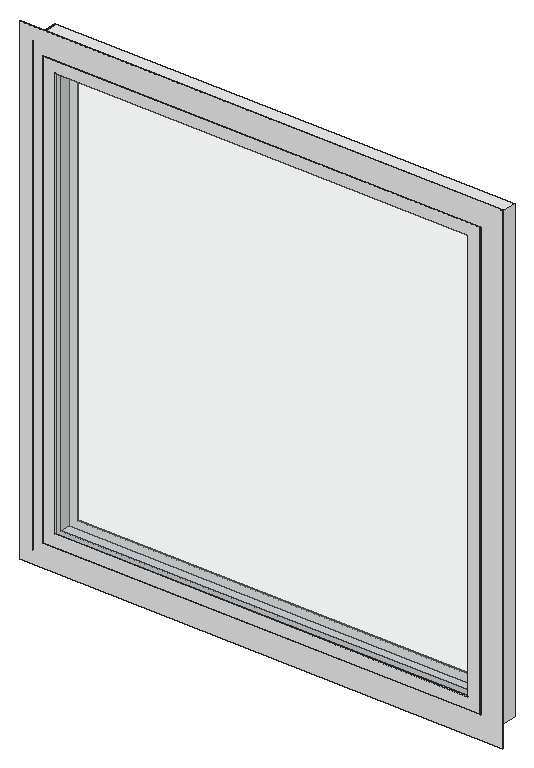
Revit family "Casement_34_A_Top_Hung_Standard", category Windows, host Wall, Revit 2014
Parameters (values of type "Casement_Sash_DG")
  Width Sash [instance] = 30 mm
  Width Sash Inner = 15 mm
  Width Bead = 15 mm
  Top Hung [instance] = yes
  Side Hung Right [instance] = yes
  Side Hung Left [instance] = yes
  Sash Opening Width [instance] = 600 mm
  Sash Opening Height [instance] = 600.312 mm
  Sash Lip = 15 mm
  Glazing Material [instance] = Glass
  DG Start Piece 2 [instance] = DG End Piece 1 + DG Gasket Thickness  # 25 mm
  DG Start Peice 1 [instance] = (Depth Sash - (2 * DG Glazing Thickness) - DG Gasket Thickness) / 2  # 6.6 mm
  Glazing Offset = 5 mm
  DG Glazing Thickness [instance] = 6.4 mm
  DG Gasket Thickness = 12 mm  # constant formula
  DG Gasket Material [instance] = none
  DG End Piece 2 [instance] = DG Start Piece 2 + DG Glazing Thickness  # 31.4 mm
  DG End Piece 1 [instance] = DG Start Peice 1 + DG Glazing Thickness  # 13 mm
  Depth Sash [instance] = 38 mm
  Center Vertical Sash [instance] = Sash Opening Height / 2  # 300.156 mm
  Center Horizontal Sash [instance] = Sash Opening Width / 2  # 300 mm
  Bottom Hung [instance] = yes
  Bead Offset = 15 mm
  Aluminium Thickness = 1 mm
  Aluminium Material [instance] = White Powder Coated Aluminium
Reference planes
  plane 1 "Center (Front/Back)": y = 0
  plane 2: z = 0
  plane 3 "Center (Left/Right)": x = 0
Forms (mm)
  Sweep 1, solid, material "White Powder Coated Aluminium" <- "Aluminium Material"
    path origin (16.177, 0, 121.331) x (1, 0, 0) y (0, 0, 1)
      loop
        line (0, 0) -> (600, 0) -> (600, 600.312) -> (0, 600.312) -> (0, 0)
    profile origin (316.177, 0, 121.331) x (0, 0, 1) y (0, -1, 0)
      loop
        line (0, 0) -> (30, 0) -> (30, 1) -> (15, 1) -> (15, 38) -> (-15, 38) -> (-15, 37) -> (0, 37) -> (0, 0)
      loop
        line (14, 1) -> (14, 37) -> (1, 37) -> (1, 1) -> (14, 1)
  Sweep 2, solid, material "White Powder Coated Aluminium" <- "Aluminium Material"
    path origin (0, 0, 0) x (1, 0, 0) y (0, 0, 1)
      loop
        line (31.177, 706.643) -> (31.177, 136.331) -> (601.177, 136.331) -> (601.177, 706.643) -> (31.177, 706.643)
    profile origin (316.177, 0, 706.643) x (0, 0, 1) y (0, -1, 0)
      loop
        line (0, 37) -> (0, 38) -> (-15, 38) -> (-15, 37) -> (0, 37)
  Extrusion 3, solid, material "Glass" <- "Glazing Material"
    sketch origin (0, 0, 0) x (1, 0, 0) y (0, 0, 1)
      loop
        line (36.177, 701.643) -> (36.177, 141.331) -> (596.177, 141.331) -> (596.177, 701.643) -> (36.177, 701.643)
    from 6.6 <- "DG Start Peice 1" to 13 <- "DG End Piece 1"
  Extrusion 4, solid, material "Glass" <- "Glazing Material"
    sketch origin (0, 0, 0) x (1, 0, 0) y (0, 0, 1)
      loop
        line (36.177, 701.643) -> (36.177, 141.331) -> (596.177, 141.331) -> (596.177, 701.643) -> (36.177, 701.643)
    from 31.4 <- "DG End Piece 2" to 25 <- "DG Start Piece 2"
  Sweep 5, solid, material <- "DG Gasket Material"
    path origin (0, -13, 0) x (1, 0, 0) y (0, 0, 1)
      loop
        line (36.177, 701.643) -> (36.177, 141.331) -> (596.177, 141.331) -> (596.177, 701.643) -> (36.177, 701.643)
    profile origin (316.177, -13, 701.643) x (0, 0, 1) y (0, -1, 0)
      loop
        line (0, 0) -> (0, 12) -> (-7.96, 12) -> (-7.96, 0) -> (0, 0)
Lines and regions (mm)
  model lines
    curve 1: line (1.177, -38, 736.643) -> (31.177, -38, 706.643)
    curve 2: line (601.177, -38, 706.643) -> (631.177, -38, 736.643)
    curve 3: line (601.177, -38, 136.331) -> (631.177, -38, 106.331)
    curve 4: line (1.177, -38, 106.331) -> (31.177, -38, 136.331)
    curve 5: line (631.177, -37, 736.643) -> (616.177, -37, 721.643)
    curve 6: line (1.177, -37, 736.643) -> (16.177, -37, 721.643)
    curve 7: line (1.177, -37, 106.331) -> (16.177, -37, 121.331)
    curve 8: line (631.177, -37, 106.331) -> (616.177, -37, 121.331)
    curve 9: line (616.177, 0, 121.331) -> (586.177, 0, 151.331)
    curve 10: line (46.177, 0, 151.331) -> (16.177, 0, 121.331)
    curve 11: line (616.177, 0, 721.643) -> (586.177, 0, 691.643)
    curve 12: line (46.177, 0, 691.643) -> (16.177, 0, 721.643)
    curve 13: line (31.177, -38, 691.643) -> (46.177, -38, 691.643)
    curve 14: line (586.177, -38, 691.643) -> (601.177, -38, 691.643)
    curve 15: line (586.177, -38, 151.331) -> (601.177, -38, 151.331)
    curve 16: line (31.177, -38, 151.331) -> (46.177, -38, 151.331)
  model lines, style "GenericModelHiddenLines", visible <- "Top Hung"
    curve 17: line (46.386, -31.4, 690.914) -> (316.177, -31.4, 151.331)
    curve 18: line (316.177, -31.4, 151.331) -> (586.177, -31.4, 691.331)
  model lines, style "GenericModelHiddenLines", visible <- "Bottom Hung"
    curve 19: line (46.177, -31.4, 151.331) -> (316.177, -31.4, 691.331)
    curve 20: line (316.177, -31.4, 691.331) -> (586.177, -31.4, 151.331)
  model lines, style "GenericModelHiddenLines", visible <- "Side Hung Left"
    curve 21: line (46.386, -31.4, 690.914) -> (585.24, -31.4, 421.487)
    curve 22: line (585.24, -31.4, 421.487) -> (46.177, -31.4, 151.331)
  model lines, style "GenericModelHiddenLines", visible <- "Side Hung Right"
    curve 23: line (586.177, -31.4, 691.331) -> (46.177, -31.4, 421.487)
    curve 24: line (46.177, -31.4, 421.487) -> (586.177, -31.4, 151.331)
Dimensions and locks
  "Aluminium Thickness": Sweep 1 sketch curve to Sweep 1 sketch curve  (x4)
  "Depth Sash": Sweep 1 sketch curve to Sweep 1 sketch curve
  "Sash Opening Width": Sweep 1 to Sweep 1
  "Sash Opening Height": Sweep 1 to Sweep 1
  "Width Sash": Sweep 1 sketch curve to Sweep 1 sketch curve  (x2)
  "Width Sash Inner": Sweep 1 sketch curve to Sweep 1 sketch curve
  "Sash Lip": Sweep 1 sketch curve to Sweep 1 sketch curve
  "Aluminium Thickness": Sweep 1 to Sweep 2 sketch curve
  "Glazing Offset": Sweep 2 to Extrusion 3 sketch curve  (x3)
  "Glazing Offset": Extrusion 3 sketch curve to Sweep 2
  Sweep 1 to Sweep 1 = 1 mm
  "Aluminium Thickness": Sweep 2 sketch curve to Sweep 2 sketch curve
  "Width Bead": Sweep 2 sketch curve to Sweep 2 sketch curve
  locked: Sweep 5 sketch curve to Sweep 5 sketch curve at 7.96
  "Center Horizontal Sash": Sweep 1 to curve 18
  "Center Horizontal Sash": Sweep 1 to curve 20
  "Center Vertical Sash": Sweep 1 to curve 22
  "Center Vertical Sash": Sweep 1 to curve 24
  aligned and locked: level to plane 2
  aligned and locked: Sweep 1 sketch curve to Sweep 1 sketch curve  (x2)
  aligned and locked: Sweep 2 sketch curve to Sweep 1  (x5)
  aligned and locked: Extrusion 4 sketch curve to Extrusion 3  (x4)
  aligned and locked: Sweep 5 sketch curve to Extrusion 3  (x5)
  aligned and locked: Extrusion 3 to Sweep 5 sketch curve
Automatic sketch dimensions
  plane 3 "Center (Left/Right)" to Sweep 1 sketch curve = 16.177 mm
  level to Sweep 1 sketch curve = 121.331 mm
  plane 3 "Center (Left/Right)" to Sweep 1 sketch curve = 616.177 mm
  level to Sweep 1 sketch curve = 721.643 mm
  profile plane to Sweep 5 sketch curve = 12 mm
  curve 7 to Sweep 1 = 0 mm  (x4)
  curve 6 to Sweep 1 = 0 mm  (x3)
  Sweep 1 to curve 6 = 0 mm
  curve 5 to Sweep 1 = 0 mm  (x3)
  curve 8 to Sweep 1 = 0 mm  (x4)
  Sweep 1 to curve 5 = 0 mm
  curve 16 to Sweep 2 = 0 mm  (x3)
  curve 13 to Sweep 2 = 0 mm  (x3)
  curve 15 to Sweep 2 = 0 mm
  Sweep 2 to curve 15 = 0 mm  (x2)
  curve 14 to Sweep 2 = 0 mm  (x2)
  Sweep 2 to curve 14 = 0 mm
  curve 1 to Sweep 1 = 0 mm  (x4)
  curve 4 to Sweep 1 = 0 mm  (x3)
  Sweep 1 to curve 4 = 0 mm
  curve 3 to Sweep 1 = 0 mm  (x3)
  curve 2 to Sweep 1 = 0 mm  (x4)
  Sweep 1 to curve 3 = 0 mm
  curve 10 to Sweep 1 = 0 mm  (x4)
  curve 12 to Sweep 1 = 0 mm  (x3)
  Sweep 1 to curve 12 = 0 mm
  curve 9 to Sweep 1 = 0 mm  (x4)
  curve 11 to Sweep 1 = 0 mm  (x3)
  Sweep 1 to curve 11 = 0 mm
  Sweep 1 sketch curve to plane 1 "Center (Front/Back)" = 0 mm
  profile plane to Sweep 1 sketch curve = 0 mm
  curve 21 to Extrusion 4 = 10.208 mm
  curve 19 to Extrusion 4 = 10 mm
  curve 23 to Extrusion 4 = 10 mm  (x2)
  curve 22 to Extrusion 4 = 10.937 mm
  curve 20 to Extrusion 4 = 10 mm
  curve 24 to Extrusion 4 = 10 mm
  curve 22 to Extrusion 4 = 10 mm
  curve 18 to Extrusion 4 = 10 mm
  curve 21 to Extrusion 4 = 10.729 mm
  curve 19 to Extrusion 4 = 10.312 mm
  curve 18 to Extrusion 4 = 10.312 mm
Types in the file's own list only (6): name | Windload Design | Width Sash Opening | Width Sash | Width Profile | Width | URL | Max Pane Area | Max System DG One Piece Thickness | Max System DG Unit Thickness | Intruderprufe U Value | Intruderprufe SHGC Value | Intruderprufe LowE U Value | Intruderprufe LowE SHGC Value | Height | Energy Advantage U Value | Energy Advantage SHGC Value | DG Thickness Calc | Custom Window Width | Custom Window Height | Window Exterior Offset | Custom Windload | Sash Width | Sash Height | Sash Spacing Inner | Sash Overlap | Sash Center Offset | SG Gasket Thickness | Offset Sash Left | Offset Sash 1 Top | Offset Bead SG Center Reversed | Model | Manufacturer | Limit Window Width Min | Limit Window Width Max | Limit Window Height Min | Limit Window Height Max | Limit Sash Width Min | Limit Sash Width Max | Limit Sash Height Min | Limit Sash Height Max | Height Sash 1 Opening | Height Sash | Description | Frame Center Offset | Depth Bead | Default Sill Height | Wall Closure | DG Gasket Finish | DG Extrusion Start | Offset Window Exterior | Clearvue SHGC Value | Clearvue Insulated U Value | Clearvue Insulated SHGC Value | Clearvue Insulated LowE U Value | Clearvue Insulated LowE SHGC Value | Casement Dimension | Bottom Hung | Bead SG Gap
  34-0606T-1000Pa | 1000 mm | 545 mm | 514 mm | 30 mm | 590 mm | "http://www.crealco.co.za/crealco-products.php" | 0.20 m² | 4 mm | 20 mm | 6.05 | 0.48 | 4.91 | 0.431 | 590 mm | 5.01 | 0.457 | 4 mm | 590 mm | 590 mm | 0 mm | 1000 mm | 545 mm | 545 mm | 8 mm | 7 mm | 14 mm | 6 mm | 23 mm | 23 mm | 17 mm | "Casement 34" | "Crealco" | 346 mm | 1246 mm | 346 mm | 946 mm | 300 mm | 1200 mm | 300 mm | 900 mm | 545 mm | 514 mm | "Window 34mm, Type A top hung" | 17 mm | 20 mm | 800 mm | By host | Double Glazing Gasket Material | 7 mm | 17 mm | 0.509 | 4.44 | 0.453 | 4.02 | 0.414 | 34 mm | No | 13 mm
  34-0606T-1500Pa | 1500 mm | 545 mm | 514 mm | 30 mm | 590 mm | "http://www.crealco.co.za/crealco-products.php" | 0.20 m² | 4 mm | 20 mm | 6.05 | 0.48 | 4.91 | 0.431 | 590 mm | 5.01 | 0.457 | 4 mm | 590 mm | 590 mm | 0 mm | 1500 mm | 545 mm | 545 mm | 8 mm | 7 mm | 14 mm | 6 mm | 23 mm | 23 mm | 17 mm | "Casement 34" | "Crealco" | 346 mm | 1246 mm | 346 mm | 946 mm | 300 mm | 1200 mm | 300 mm | 900 mm | 545 mm | 514 mm | "Window 34mm, Type A top hung" | 17 mm | 20 mm | 800 mm | By host | Double Glazing Gasket Material | 7 mm | 17 mm | 0.509 | 4.44 | 0.453 | 4.02 | 0.414 | 34 mm | No | 13 mm
  34-0606T-2000Pa | 2000 mm | 545 mm | 514 mm | 30 mm | 590 mm | "http://www.crealco.co.za/crealco-products.php" | 0.20 m² | 4 mm | 20 mm | 6.05 | 0.48 | 4.91 | 0.431 | 590 mm | 0.501 | 0.457 | 4 mm | 590 mm | 590 mm | 0 mm | 2000 mm | 545 mm | 545 mm | 8 mm | 7 mm | 14 mm | 6 mm | 23 mm | 23 mm | 17 mm | "Casement 34" | "Crealco" | 346 mm | 1246 mm | 346 mm | 946 mm | 300 mm | 1200 mm | 300 mm | 900 mm | 545 mm | 514 mm | "Window 34mm, Type A top hung" | 17 mm | 20 mm | 800 mm | By host | Double Glazing Gasket Material | 7 mm | 17 mm | 0.509 | 4.44 | 0.453 | 4.02 | 0.414 | 34 mm | No | 13 mm
  34-0906T-1000Pa | 1000 mm | 845 mm | 814 mm | 30 mm | 890 mm | "http://www.crealco.co.za/crealco-products.php" | 0.33 m² | 4 mm | 20 mm | 6 | 0.527 | 4.72 | 0.471 | 590 mm | 4.82 | 0.501 | 4 mm | 890 mm | 590 mm | 0 mm | 1000 mm | 845 mm | 545 mm | 8 mm | 7 mm | 14 mm | 6 mm | 23 mm | 23 mm | 17 mm | "Casement 34" | "Crealco" | 346 mm | 1246 mm | 346 mm | 946 mm | 300 mm | 1200 mm | 300 mm | 900 mm | 545 mm | 514 mm | "Window 34mm, Type A top hung" | 17 mm | 20 mm | 800 mm | By host | Double Glazing Gasket Material | 7 mm | 17 mm | 0.559 | 4.2 | 0.496 | 3.73 | 0.452 | 34 mm | No | 13 mm
  34-0906T-1500Pa | 1500 mm | 845 mm | 814 mm | 30 mm | 890 mm | "http://www.crealco.co.za/crealco-products.php" | 0.33 m² | 4 mm | 20 mm | 6 | 0.527 | 4.72 | 0.471 | 590 mm | 4.82 | 0.501 | 4 mm | 890 mm | 590 mm | 0 mm | 1500 mm | 845 mm | 545 mm | 8 mm | 7 mm | 14 mm | 6 mm | 23 mm | 23 mm | 17 mm | "Casement 34" | "Crealco" | 346 mm | 1246 mm | 346 mm | 946 mm | 300 mm | 1200 mm | 300 mm | 900 mm | 545 mm | 514 mm | "Window 34mm, Type A top hung" | 17 mm | 20 mm | 800 mm | By host | Double Glazing Gasket Material | 7 mm | 17 mm | 0.559 | 4.2 | 0.496 | 3.73 | 0.452 | 34 mm | No | 13 mm
  34-0906T-2000Pa | 2000 mm | 845 mm | 814 mm | 30 mm | 890 mm | "http://www.crealco.co.za/crealco-products.php" | 0.33 m² | 4 mm | 20 mm | 6 | 0.527 | 4.72 | 0.471 | 590 mm | 4.82 | 0.501 | 4 mm | 890 mm | 590 mm | 0 mm | 2000 mm | 845 mm | 545 mm | 8 mm | 7 mm | 14 mm | 6 mm | 23 mm | 23 mm | 17 mm | "Casement 34" | "Crealco" | 346 mm | 1246 mm | 346 mm | 946 mm | 300 mm | 1200 mm | 300 mm | 900 mm | 545 mm | 514 mm | "Window 34mm, Type A top hung" | 17 mm | 20 mm | 800 mm | By host | Double Glazing Gasket Material | 7 mm | 17 mm | 0.559 | 4.2 | 0.496 | 3.73 | 0.452 | 34 mm | No | 13 mm
